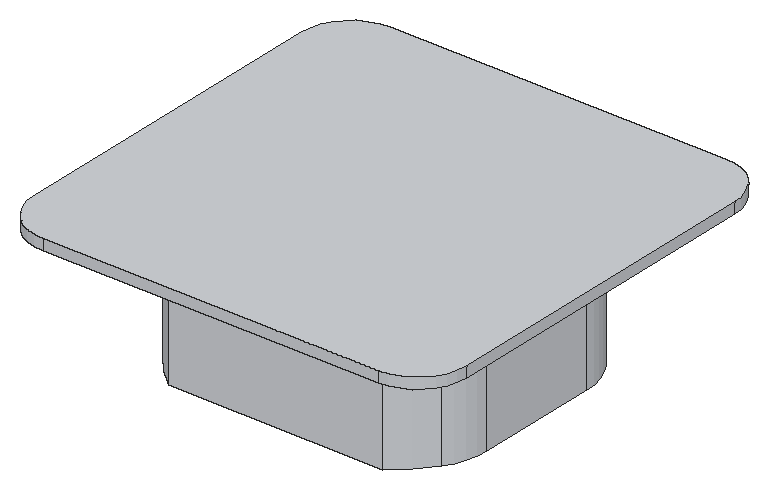
Revit family "Gira_540100", category Electrical Fixtures, host Face, Revit 2017
Family settings
  Host = Face
  Maintain Annotation Orientation = Yes
  Round Connector Dimension = Use Diameter
  Part Type = Normal
  Cut with Voids When Loaded = No
  Shared = No
  Room Calculation Point = No
Parameters (values of type "S3000 Uni-LED-Dimmeins. Komfort Einsatz")
  Zusammenstellung = "Basiselement"
  Werkstoffgüte = "sonstige"
  Werkstoff = "sonstige"
  Verwendbar mit Zeitschalter/Timer = "No"
  Verwendbar mit Taste = "No"
  Verwendbar mit Präsenzmelder = "No"
  Verwendbar mit IR-Taste = "No"
  Verwendbar mit Funktaste = "No"
  Verwendbar mit Bewegungsmelder = "No"
  URL = "http://katalog.gira.de/de_DE/datenblatt.html?artikelnr=540100"
  Transparent = "No"
  Seriendimmer = "No"
  Region = "DE"
  Oberfläche = "sonstige"
  Nennspannung = "230 - 230"
  Nebenstelleneingang = "Yes"
  Name = "S3000 Uni-LED-Dimmeins. Komfort Einsatz"
  Montageart = "unter Putz"
  Manufacturer URL = "https://www.gira.de/"
  Lastart = "universal und LED Retrofit"
  Keynote = "Einsatz_1fach"
  HeinzeBIM = "https://bimportal.heinze.de/bim/s3000-uni-led-dimmeins-komfort-einsatz/a18a184f525e8595d69b0f02e0a9d5df5f18964c"
  Halogenfrei = "No"
  HAN = "540100"
  Geeignet für Schutzart (IP) = "IP20"
  GTIN = "4010337048268"
  Frequenz = "50 - 60"
  Farbe = "sonstige"
  Dimmung Phasenanschnitt = "Yes"
  Dimmung Phasenabschnitt = "Yes"
  Default Elevation = 1219.2 mm
  Data sheet (1) = "https://katalog.gira.de/de_DE/download.html?artikelnr=540100"
  Category = "Dimmer"
  Befestigungsart = "Krallen-/Schraubbefestigung"
  Bedienungsart = "Dreh-/Druckknopf"
  Available = "Yes"
  App-Steuerung über Bluetooth = "No"
  Anschlussart = "Schraubklemme"
Reference planes
  plane 1 "Center (Front/Back)": y = 0
  plane 2: z = 0
  plane 3 "Center (Left/Right)": x = 0
Forms (mm)
  Extrusion 1, solid, detail levels fine
    sketch origin (0, 0, 0) x (1, 0, 0) y (0, 1, 0)
      loop
        line (27.475, 35.475) -> (-27.475, 35.475)
        arc (-27.475, 35.475) -> (-33.132, 33.132) -> (-35.475, 27.475) r 8
        line (-35.475, 27.475) -> (-35.475, -27.475)
        arc (-35.475, -27.475) -> (-33.132, -33.132) -> (-27.475, -35.475) r 8
        line (-27.475, -35.475) -> (27.475, -35.475)
        arc (27.475, -35.475) -> (33.132, -33.132) -> (35.475, -27.475) r 8
        line (35.475, -27.475) -> (35.475, 27.475)
        arc (35.475, 27.475) -> (33.132, 33.132) -> (27.475, 35.475) r 8
    from 0 to 1.8
  Extrusion 2, solid, detail levels fine
    sketch origin (0, 0, 0) x (1, 0, 0) y (0, 1, 0)
      loop
        line (9.678, 25.4) -> (-9.678, 25.4)
        arc (-9.678, 25.4) -> (-12.885, 24.922) -> (-15.814, 23.53) r 11
        arc (-15.814, 23.53) -> (-17.795, 22.07) -> (-19.641, 20.444) r 28.35
        arc (-19.641, 20.444) -> (-21.339, 18.665) -> (-22.876, 16.745) r 28.35
        arc (-22.876, 16.745) -> (-24.456, 13.666) -> (-25, 10.248) r 11
        line (-25, 10.248) -> (-25, -10.248)
        arc (-25, -10.248) -> (-24.456, -13.666) -> (-22.876, -16.745) r 11
        arc (-22.876, -16.745) -> (-20.409, -19.677) -> (-17.569, -22.25) r 28.35
        line (-17.569, -22.25) -> (17.569, -22.25)
        arc (17.569, -22.25) -> (20.409, -19.677) -> (22.876, -16.745) r 28.35
        arc (22.876, -16.745) -> (24.456, -13.666) -> (25, -10.248) r 11
        line (25, -10.248) -> (25, 10.248)
        arc (25, 10.248) -> (24.456, 13.666) -> (22.876, 16.745) r 11
        arc (22.876, 16.745) -> (21.593, 18.37) -> (20.195, 19.897) r 28.35
        arc (20.195, 19.897) -> (18.096, 21.823) -> (15.814, 23.53) r 28.35
        arc (15.814, 23.53) -> (12.885, 24.922) -> (9.678, 25.4) r 11
    from 0 to -22
  Extrusion 3, solid, detail levels medium
    sketch origin (0, 0, 0) x (1, 0, 0) y (0, 1, 0)
      loop
        line (-25, 25.4) -> (-25, -22.25) -> (25, -22.25) -> (25, 25.4) -> (-25, 25.4)
    from 0 to -22
  Extrusion 4, solid, detail levels coarse
    sketch origin (0, 0, 0) x (1, 0, 0) y (0, 1, 0)
      loop
        line (35.475, 35.475) -> (-35.475, 35.475) -> (-35.475, -35.475) -> (35.475, -35.475) -> (35.475, 35.475)
    from -22 to 1.8
  Extrusion 5, solid, detail levels medium
    sketch origin (0, 0, 0) x (1, 0, 0) y (0, 1, 0)
      loop
        line (35.475, 35.475) -> (-35.475, 35.475) -> (-35.475, -35.475) -> (35.475, -35.475) -> (35.475, 35.475)
    from 0 to 1.8
Dimensions and locks
  aligned and locked: plane 2 to host face
  aligned and locked: level to host face
  aligned and locked: plane 3 "Center (Left/Right)" to nested 1
  aligned and locked: plane 1 "Center (Front/Back)" to nested 1
Nested families
  nested 1: "RJ45-Datendose Beschriftung" at (0, 0, 0), type "RJ45-Datendose Beschriftung"
Connectors
  electrical at (0, 0, -22)
    settings: on Extrusion 4, index 1, voltage 220 V, apparent load 0 VA, apparent load phase1 0 VA, apparent load phase2 0 VA, apparent load phase3 0 VA, power factor 1, load classification "Other", number of poles 1, system type 30, power factor state 1, is connector primary yes, connector utility no, sub classification motor no, connector description ""
Definition of nested family "RJ45-Datendose Beschriftung"
  Reference planes
    plane 1: y = 0
    plane 2: x = 0
  Lines and regions (mm)
    Filled region 1, type "Gefüllter Bereich 1"
      outline origin (0, 0, 0) x (1, 0, 0) y (0, 1, 0)
        loop
          circle (0, 2.4) r 0.4
    detail lines
      curve 1: line (0, 0, 0) -> (0, 2, 0)
      curve 2: line (0, 2, 0) -> (1.2, 2, 0)
      curve 3: line (1.2, 2, 0) -> (1.2, 3.6, 0)
      curve 4: circle (0, 2.4, 0) r 0.4 normal (0, 0, 1)
      curve 5: line (0, 2, 0) -> (-1.2, 2, 0)
      curve 6: line (-1.2, 2, 0) -> (-1.2, 3.6, 0)
